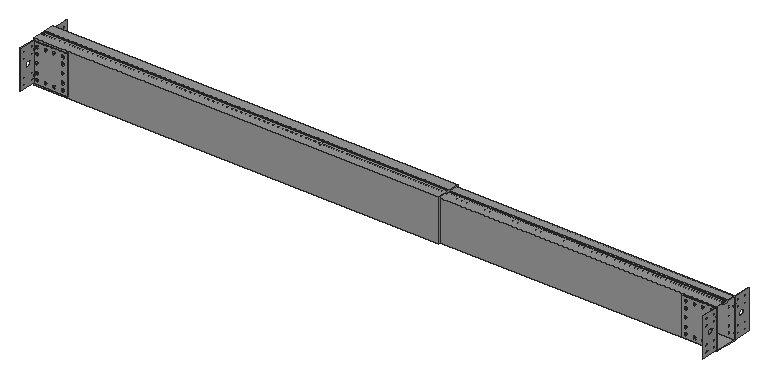
Revit family "RapidBeam_StandardLap_LargeSpan", category Generic Models, Revit 2020
Family settings
  Can host rebar = No
  Round Connector Dimension = Use Diameter
  Part Type = Normal
  OmniClass Number = 23.25.30.11.14.14
  OmniClass Title = Beams
  Work Plane-Based = No
  Always vertical = Yes
  Cut with Voids When Loaded = No
  Shared = No
  Room Calculation Point = No
Parameters
  URL = "https://www.tris.co.nz/products/info/141/Rapid-Beam"
  Span Max Min = "1800mm max span, 1500mm min span."  # constant formula
  Span = 1600 mm
  Sound Transmission Class = "N/A"  # constant formula
  Rapid Beam Material = Steel Galvanised
  Model = "Rapid Beam Standard lap Large span."  # constant formula
  Material = "Hot dipped galvanised mild steel, Manufactured in New Zealand."  # constant formula
  Masterspec CBI = "3421"  # constant formula
  Manufacturer = "Cold Rolled Systems"  # constant formula
  Length = if(Span < 1500 mm, 1500 mm, if(Span > 1800 mm, 1800 mm, Span))  # 1600 mm
  IFCName = "Rapid Beam Standard lap Large span"
  IFCExportType = "BEAM"
  IFCExportAs = "IfcBeam"
  Fire Protection = "N/A"  # constant formula
  End Bracket Material = Steel Galvanised
  Description = "Rapid Beam Bridging Beam for non-structural restraints."  # constant formula
  Default Elevation = 2000 mm
Reference planes
  plane 1 "Center (Front/Back)": y = 0
  plane 2: z = 0
  plane 3 "Center (Left/Right)": x = 0
  plane 4: x = 800
  plane 5: x = 150
  plane 6: x = -150
  plane 7: x = -800
Lines and regions (mm)
  symbolic lines, style "GenericModelHiddenLines"
    curve 1: line (-150, 26.574, 0) -> (-150, -26.001, 0)
    curve 2: line (150, -26.001, 0) -> (-150, -26.001, 0)
    curve 3: line (150, 26.574, 0) -> (-150, 26.574, 0)
Dimensions and locks
  equal spacing: plane 7, plane 3 "Center (Left/Right)", plane 4
  "Length": plane 7 to plane 4
  locked: plane 6 to plane 5 at 300
  aligned and locked: level to plane 2
  aligned and locked: plane 7 to nested 1
  aligned and locked: nested 2 to plane 7
  aligned and locked: plane 4 to nested 3
  aligned and locked: nested 4 to plane 4
  aligned and locked: plane 3 "Center (Left/Right)" to nested 5
  aligned and locked: plane 2 to nested 5
  aligned and locked: plane 1 "Center (Front/Back)" to nested 5
Automatic sketch dimensions
  curve 3 to plane 6 = 0 mm
  curve 3 to plane 5 = 0 mm
  curve 2 to plane 5 = 0 mm
  plane 1 "Center (Front/Back)" to curve 1 = 26.001 mm
  curve 3 to plane 1 "Center (Front/Back)" = 26.574 mm
Nested families
  nested 1: "EndBracket" at (-800, -27.517, 2.743), IFCExportAs <- "IFCExportAs", IFCExportType <- "IFCExportType", End Bracket Material <- "End Bracket Material", type "EndBracket"
    with IFCExportType "BEAM", IFCExportAs "IfcBeam", End Bracket Material Steel Galvanised
  nested 2: "EndBracket" at (-800, 27.517, 2.743), IFCExportAs <- "IFCExportAs", IFCExportType <- "IFCExportType", End Bracket Material <- "End Bracket Material", type "EndBracket"
    with IFCExportType "BEAM", IFCExportAs "IfcBeam", End Bracket Material Steel Galvanised
  nested 3: "EndBracket" at (800, -26.001, 2) x (-1, 0, 0) z (0, 0, 1), IFCExportAs <- "IFCExportAs", IFCExportType <- "IFCExportType", End Bracket Material <- "End Bracket Material", type "EndBracket"
    with IFCExportType "BEAM", IFCExportAs "IfcBeam", End Bracket Material Steel Galvanised
  nested 4: "EndBracket" at (800, 26.001, 2) x (-1, 0, 0) z (0, 0, 1), IFCExportAs <- "IFCExportAs", IFCExportType <- "IFCExportType", End Bracket Material <- "End Bracket Material", type "EndBracket"
    with IFCExportType "BEAM", IFCExportAs "IfcBeam", End Bracket Material Steel Galvanised
  nested 5: "RapidBeam_StandardLap_LargeSpan_Beam" at (0, 0, 0), Span <- "Span", IFCExportAs <- "IFCExportAs", IFCExportType <- "IFCExportType", Rapid Beam Material <- "Rapid Beam Material", type "RapidBeam_StandardLap_LargeSpan_Beam"
    with Span 1600 mm, Rapid Beam Material Steel Galvanised, Length 1600 mm, IFCExportType "BEAM", IFCExportAs "IfcBeam"
Definition of nested family "EndBracket"
  Parameters (values of type "EndBracket")
    IFCExportType [instance] = ""
    IFCExportAs [instance] = ""
    End Bracket Material [instance] = none
    Default Elevation = 0 mm
  Reference planes
    plane 1 "Center (Front/Back)": y = 0
    plane 2: z = 0
    plane 3 "Center (Left/Right)": x = 0
  Forms (mm)
    Sweep 1, solid, material <- "End Bracket Material"
      path origin (62.293, -51.069, 0) x (1, 0, 0) y (0, 1, 0)
        loop
          line (17.707, 51.069) -> (-62.293, 51.069) -> (-62.293, 11.069)
      profile origin (0, -20, 0) x (1, 0, 0) y (0, 0, 1)
        loop
          line (0, 0) -> (1.5, 0) -> (1.5, 90) -> (0, 90) -> (0, 0)
    Extrusion 2, void
      sketch origin (11.31, 0, 1.617) x (1, 0, 0) y (0, 0, 1)
        loop
          circle (58.828, 78.35) r 3.5
      from -13.546 to 13.273
    Extrusion 3, void
      sketch origin (11.31, 0, -13.409) x (1, 0, 0) y (0, 0, 1)
        loop
          circle (58.828, 78.35) r 3.5
      from -13.546 to 13.273
    Extrusion 4, void
      sketch origin (11.31, 0, -33.515) x (1, 0, 0) y (0, 0, 1)
        loop
          circle (58.828, 78.35) r 3.5
      from -13.546 to 13.273
    Extrusion 5, void
      sketch origin (11.31, 0, -53.409) x (1, 0, 0) y (0, 0, 1)
        loop
          circle (58.828, 78.35) r 3.5
      from -13.546 to 13.273
    Extrusion 6, void
      sketch origin (11.31, 0, -68.435) x (1, 0, 0) y (0, 0, 1)
        loop
          circle (58.828, 78.35) r 3.5
      from -13.546 to 13.273
    Extrusion 7, void
      sketch origin (-9.209, 0, 1.617) x (1, 0, 0) y (0, 0, 1)
        loop
          circle (58.828, 78.35) r 3.5
      from -13.546 to 13.273
    Extrusion 8, void
      sketch origin (-9.209, 0, -68.435) x (1, 0, 0) y (0, 0, 1)
        loop
          circle (58.828, 78.35) r 3.5
      from -13.546 to 13.273
    Extrusion 9, void
      sketch origin (-28.887, 0, 1.617) x (1, 0, 0) y (0, 0, 1)
        loop
          circle (58.828, 78.35) r 3.5
      from -13.546 to 13.273
    Extrusion 10, void
      sketch origin (-28.887, 0, -68.435) x (1, 0, 0) y (0, 0, 1)
        loop
          circle (58.828, 78.35) r 3.5
      from -13.546 to 13.273
    Extrusion 11, void
      sketch origin (-49.002, 0, 1.617) x (1, 0, 0) y (0, 0, 1)
        loop
          circle (58.828, 78.35) r 3.5
      from -13.546 to 13.273
    Extrusion 12, void
      sketch origin (-49.002, 0, -13.409) x (1, 0, 0) y (0, 0, 1)
        loop
          circle (58.828, 78.35) r 3.5
      from -13.546 to 13.273
    Extrusion 13, void
      sketch origin (-49.002, 0, -33.515) x (1, 0, 0) y (0, 0, 1)
        loop
          circle (58.828, 78.35) r 3.5
      from -13.546 to 13.273
    Extrusion 14, void
      sketch origin (-49.002, 0, -53.409) x (1, 0, 0) y (0, 0, 1)
        loop
          circle (58.828, 78.35) r 3.5
      from -13.546 to 13.273
    Extrusion 15, void
      sketch origin (-49.002, 0, -68.435) x (1, 0, 0) y (0, 0, 1)
        loop
          circle (58.828, 78.35) r 3.5
      from -13.546 to 13.273
    Extrusion 16, void
      sketch origin (9.962, -67.727, 1.617) x (0, 1, 0) y (0, 0, 1)
        loop
          circle (58.828, 78.35) r 3.5
      from -13.546 to 13.273
    Extrusion 17, void
      sketch origin (9.962, -67.727, -13.409) x (0, 1, 0) y (0, 0, 1)
        loop
          circle (58.828, 78.35) r 3.5
      from -13.546 to 13.273
    Extrusion 18, void
      sketch origin (9.962, -67.727, -53.409) x (0, 1, 0) y (0, 0, 1)
        loop
          circle (58.828, 78.35) r 3.5
      from -13.546 to 13.273
    Extrusion 19, void
      sketch origin (9.962, -67.727, -68.435) x (0, 1, 0) y (0, 0, 1)
        loop
          circle (58.828, 78.35) r 3.5
      from -13.546 to 13.273
    Extrusion 20, void
      sketch origin (9.962, -89.689, 1.617) x (0, 1, 0) y (0, 0, 1)
        loop
          circle (58.828, 78.35) r 3.5
      from -13.546 to 13.273
    Extrusion 21, void
      sketch origin (9.962, -89.689, -13.409) x (0, 1, 0) y (0, 0, 1)
        loop
          circle (58.828, 78.35) r 3.5
      from -13.546 to 13.273
    Extrusion 22, void
      sketch origin (9.962, -89.689, -53.409) x (0, 1, 0) y (0, 0, 1)
        loop
          circle (58.828, 78.35) r 3.5
      from -13.546 to 13.273
    Extrusion 23, void
      sketch origin (9.962, -89.689, -68.435) x (0, 1, 0) y (0, 0, 1)
        loop
          circle (58.828, 78.35) r 3.5
      from -13.546 to 13.273
    Extrusion 24, void
      sketch origin (-39.837, -43.459, -5.909) x (0.707107, 0.707107, 0) y (0, 0, 1)
        loop
          circle (58.828, 78.35) r 3.5
      from -13.546 to 13.273
    Extrusion 25, void
      sketch origin (-39.837, -43.459, -60.909) x (0.707107, 0.707107, 0) y (0, 0, 1)
        loop
          circle (58.828, 78.35) r 3.5
      from -13.546 to 13.273
    Extrusion 26, void
      sketch origin (9.962, -78.689, -29.909) x (0, 1, 0) y (0, 0, 1)
        loop
          circle (58.828, 78.35) r 7
      from -13.546 to 13.273
  Cuts and joins
    Extrusion 2, Extrusion 3, Extrusion 4, Extrusion 5, Extrusion 6, Extrusion 7, Extrusion 8, Extrusion 9, Extrusion 10, Extrusion 11, Extrusion 12, Extrusion 13, Extrusion 14, Extrusion 15, Extrusion 16, Extrusion 17, Extrusion 18, Extrusion 19, Extrusion 20, Extrusion 21, Extrusion 22, Extrusion 23, Extrusion 24, Extrusion 25, Extrusion 26 cuts Sweep 1
  Dimensions and locks
    aligned and locked: level to plane 2
Definition of nested family "RapidBeam_StandardLap_LargeSpan_Beam"
  Parameters (values of type "RapidBeam_StandardLap_LargeSpan_Beam")
    URL = ""
    Span [instance] = 1800 mm
    Rapid Beam Material [instance] = none
    Model = ""
    Manufacturer = ""
    Length [instance] = if(Span < 1500 mm, 1500 mm, if(Span > 1800 mm, 1800 mm, Span))  # 1800 mm
    IFCExportType [instance] = ""
    IFCExportAs [instance] = ""
    Description = ""
    Default Elevation = 2000 mm
  Reference planes
    plane 1 "Center (Front/Back)": y = 0
    plane 2 "Bottom": z = 0
    plane 3 "Center (Left/Right)": x = 0
    plane 4: x = 900
    plane 5: x = 150
    plane 6: x = -150
    plane 7: x = -900
  Forms (mm)
    Sweep 1, solid, material <- "Rapid Beam Material"
      path origin (0, 0, 0) x (1, 0, 0) y (0, 1, 0)
        loop
          line (-150, 0) -> (900, 0)
      profile origin (375, 0, 0) x (0, 1, 0) y (0, 0, 1)
        loop
          line (5.01, 93.983) -> (1.654, 90.673) -> (-3.74, 90.673)
          arc (-3.74, 90.673) -> (-4.395, 91.328) -> (-3.74, 91.983) r 0.655
          line (-3.74, 91.983) -> (1.031, 91.983) -> (1.031, 92.883) -> (-3.74, 92.883)
          arc (-3.74, 92.883) -> (-5.195, 91.428) -> (-3.74, 89.973) r 1.455
          line (-3.74, 89.973) -> (2.226, 89.973) -> (5.379, 93.083) -> (25.101, 93.083) -> (25.101, 0.9) -> (-25.101, 0.9) -> (-25.101, 93.083) -> (1.129, 93.083)
          arc (1.129, 93.083) -> (1.779, 92.433) -> (1.129, 91.783) r 0.65
          line (1.129, 91.783) -> (-3.74, 91.783)
          arc (-3.74, 91.783) -> (-4.19, 91.333) -> (-3.74, 90.883) r 0.45
          line (-3.74, 90.883) -> (1.129, 90.883)
          arc (1.129, 90.883) -> (2.679, 92.433) -> (1.129, 93.983) r 1.55
          line (1.129, 93.983) -> (-26.001, 93.983) -> (-26.001, 0) -> (26.001, 0) -> (26.001, 93.983) -> (5.01, 93.983)
    Sweep 2, solid, material <- "Rapid Beam Material"
      path origin (0, 0, 0) x (1, 0, 0) y (0, 1, 0)
        loop
          line (-900, 0) -> (150, 0)
      profile origin (-375, 0, 0) x (0, 1, 0) y (0, 0, 1)
        loop
          line (5.01, 97.743) -> (1.654, 94.432) -> (-3.74, 94.432)
          arc (-3.74, 94.432) -> (-4.395, 95.087) -> (-3.74, 95.743) r 0.655
          line (-3.74, 95.743) -> (1.031, 95.743) -> (1.031, 96.643) -> (-3.74, 96.643)
          arc (-3.74, 96.643) -> (-5.195, 95.187) -> (-3.74, 93.732) r 1.455
          line (-3.74, 93.732) -> (2.226, 93.732) -> (5.379, 96.843) -> (26.574, 96.843) -> (26.574, -1.322) -> (-26.617, -1.322) -> (-26.617, 96.843) -> (1.129, 96.843)
          arc (1.129, 96.843) -> (1.779, 96.193) -> (1.129, 95.543) r 0.65
          line (1.129, 95.543) -> (-3.74, 95.543)
          arc (-3.74, 95.543) -> (-4.19, 95.093) -> (-3.74, 94.643) r 0.45
          line (-3.74, 94.643) -> (1.129, 94.643)
          arc (1.129, 94.643) -> (2.679, 96.193) -> (1.129, 97.743) r 1.55
          line (1.129, 97.743) -> (-27.517, 97.743) -> (-27.517, -2.222) -> (27.474, -2.222) -> (27.474, 97.743) -> (5.01, 97.743)
  Lines and regions (mm)
    symbolic lines
      curve 1: line (-150, 26.574, 0) -> (-150, -26.001, 0)
      curve 2: line (150, -26.001, 0) -> (-150, -26.001, 0)
      curve 3: line (150, 26.574, 0) -> (-150, 26.574, 0)
      curve 4: line (150, 0, 93.983) -> (-150, 0, 93.983)
      curve 5: line (150, 0, 0) -> (-150, 0, 0)
      curve 6: line (-150, 0, 0) -> (-150, 0, 93.983)
  Dimensions and locks
    equal spacing: plane 7, plane 3 "Center (Left/Right)", plane 4
    "Length": plane 7 to plane 4
    locked: plane 6 to plane 5 at 300
    aligned and locked: level to plane 2 "Bottom"
    aligned and locked: plane 1 "Center (Front/Back)" to Sweep 1 sketch curve
    aligned and locked: plane 4 to Sweep 1 sketch curve
    aligned and locked: plane 5 to Sweep 2 sketch curve
    aligned and locked: plane 6 to Sweep 1 sketch curve
    aligned and locked: plane 7 to Sweep 2 sketch curve
  Automatic sketch dimensions
    Sweep 1 sketch curve to Sweep 1 sketch curve = 0 mm  (x4)
    Sweep 1 sketch curve to level = 0 mm
    profile plane to Sweep 1 sketch curve = 26.001 mm
    Sweep 1 sketch curve to Sweep 1 sketch curve = 0.9 mm  (x3)
    profile plane to Sweep 1 sketch curve = 3.74 mm
    Sweep 1 sketch curve to profile plane = 1.031 mm
    Sweep 1 sketch curve to Sweep 1 sketch curve = 0.098 mm
    Sweep 1 sketch curve to Sweep 1 sketch curve = 0.525 mm
    Sweep 1 sketch curve to Sweep 1 sketch curve = 0.572 mm
    Sweep 1 sketch curve to Sweep 1 sketch curve = 3.881 mm
    Sweep 1 sketch curve to Sweep 1 sketch curve = 0.369 mm
    level to Sweep 1 sketch curve = 0.9 mm
    Sweep 1 sketch curve to profile plane = 25.101 mm
    level to Sweep 1 sketch curve = 89.973 mm
    Sweep 1 sketch curve to Sweep 1 sketch curve = 0.7 mm
    Sweep 1 sketch curve to Sweep 1 sketch curve = 0.211 mm
    Sweep 1 sketch curve to Sweep 1 sketch curve = 0.445 mm
    Sweep 1 sketch curve to Sweep 1 sketch curve = 0.005 mm
    Sweep 1 sketch curve to Sweep 1 sketch curve = 0.095 mm
    Sweep 1 sketch curve to Sweep 1 sketch curve = 0.45 mm
    Sweep 1 sketch curve to Sweep 1 sketch curve = 3.111 mm
    Sweep 2 sketch curve to plane 1 "Center (Front/Back)" = 0 mm
    Sweep 2 sketch curve to Sweep 2 sketch curve = 0 mm  (x4)
    Sweep 2 sketch curve to level = 2.222 mm
    profile plane to Sweep 2 sketch curve = 27.517 mm
    Sweep 2 sketch curve to Sweep 2 sketch curve = 0.9 mm  (x3)
    profile plane to Sweep 2 sketch curve = 3.74 mm
    Sweep 2 sketch curve to profile plane = 1.031 mm
    Sweep 2 sketch curve to Sweep 2 sketch curve = 0.098 mm
    Sweep 2 sketch curve to Sweep 2 sketch curve = 0.525 mm
    Sweep 2 sketch curve to Sweep 2 sketch curve = 0.572 mm
    Sweep 2 sketch curve to Sweep 2 sketch curve = 3.881 mm
    Sweep 2 sketch curve to Sweep 2 sketch curve = 0.369 mm
    Sweep 2 sketch curve to level = 1.322 mm
    Sweep 2 sketch curve to profile plane = 26.574 mm
    level to Sweep 2 sketch curve = 93.732 mm
    Sweep 2 sketch curve to Sweep 2 sketch curve = 0.7 mm
    Sweep 2 sketch curve to Sweep 2 sketch curve = 0.211 mm
    Sweep 2 sketch curve to Sweep 2 sketch curve = 0.445 mm
    Sweep 2 sketch curve to Sweep 2 sketch curve = 0.005 mm
    Sweep 2 sketch curve to Sweep 2 sketch curve = 0.095 mm
    Sweep 2 sketch curve to Sweep 2 sketch curve = 0.45 mm
    Sweep 2 sketch curve to Sweep 2 sketch curve = 3.111 mm
    curve 3 to plane 6 = 0 mm
    curve 3 to plane 5 = 0 mm
    curve 2 to plane 5 = 0 mm
    plane 1 "Center (Front/Back)" to curve 1 = 26.001 mm
    curve 3 to plane 1 "Center (Front/Back)" = 26.574 mm
    curve 5 to level = 0 mm
    curve 5 to plane 6 = 0 mm
    curve 5 to plane 5 = 0 mm
    curve 4 to plane 5 = 0 mm
    curve 5 to curve 4 = 93.983 mm
